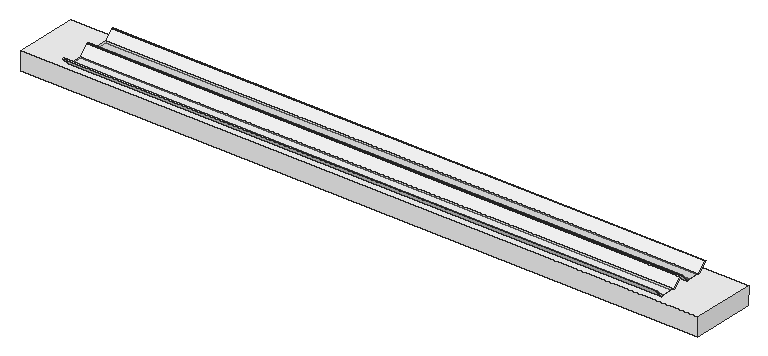
Revit family "LCR", category Lighting Fixtures, host Face, Revit 2012
Parameters (values of type "LCR-40HL-ED")
  Wattage = 56 W
  built-in parameter 1150110 = 1 (stored number, unit not read)
  Voltage = 120 V
  built-in parameter 1114217 = 1 (stored number, unit not read)
  Tilt Angle = -90.00°
  built-in parameter 1150109 = 1 (stored number, unit not read)
  built-in parameter 1150134 = 12
  Wattage Comments = ""
  URL = "http://www.columbialighting.com/"
  built-in parameter 1150113 = 1 (stored number, unit not read)
  Driver = "0-10V Dimming"
  Product Page URL = "http://www.columbialighting.com/products/lcr"
  Product Documentation Link = "http://www.columbialighting.com/content/products/specs/specs_files/lcr.pdf"
  Photometric Web File = "LCR-40HL-ED.ies"
  Nominal Watts = 56 W
  Model = "LCR"  # constant formula
  Manufacturer Phone = "(864)-678-1000"  # constant formula
  Manufacturer Fax = "(866)-898-1065"  # constant formula
  Manufacturer = "Columbia Lighting"  # constant formula
  Row Length = 4.0 ft
  built-in parameter 1150105 = 525.85 (stored number, unit not read)
  Lumens = 6608 lm
  built-in parameter 1150115 = 1 (stored number, unit not read)
  built-in parameter 1150137 = (empty or 0)
  built-in parameter 1150139 = (empty or 0)
  built-in parameter 1150112 = 1 (stored number, unit not read)
  built-in parameter 1150114 = 1 (stored number, unit not read)
  Lamp = "LED Lamp"
  Lumen Pkg = "High Lumen"
  built-in parameter 1150132 = (empty or 0)
  built-in parameter 1150102 = (empty or 0)
  built-in parameter 1150107 = 4000 (stored number, unit not read)
  built-in parameter 1150138 = (empty or 0)
  built-in parameter 1150106 = 5.2585 (stored number, unit not read)
  Glass = White Glass
  Emit from Line Length = 2.0 ft
  built-in parameter 1150104 = 10.963 (stored number, unit not read)
  Dimming Lamp Color Temperature Shift = <None>
  Description = "Columbia's LCR is an LED industrial striplight with reflectors for narrow distribution and aisle lighting"  # constant formula
  Default Elevation = 4.0 ft
  Color Filter = 16777215
  built-in parameter 1114218 = 1 (stored number, unit not read)
  Backbox = White
  built-in parameter 1150133 = 10 (stored number, unit not read)
  Apparent Load = 0 VA
Reference planes (ft)
  plane 1 "Center (Front/Back)": y = 0.003333
  plane 2: z = 0
  plane 3 "Center (Left/Right)": x = 0.13912
  plane 4: x = -1.86088
  plane 5: x = 2.13912
Dimensions and locks (ft)
  equal spacing: plane 5, plane 3 "Center (Left/Right)", plane 4
  "Row Length": plane 5 to plane 4
  aligned and locked: plane 2 to host face
  aligned and locked: level to host face
  aligned and locked: imposter light to plane 1 "Center (Front/Back)"
  aligned and locked: plane 3 "Center (Left/Right)" to nested 1
  aligned and locked: plane 4 to nested 1
  aligned and locked: plane 5 to nested 1
  aligned and locked: plane 1 "Center (Front/Back)" to nested 1
  aligned and locked: imposter light to nested 1  (x3)
Automatic sketch dimensions
  host sketch curve to host sketch curve = 8.0 ft  (x2)
Nested families (ft)
  nested 1: "LED Open" at (0.309759, 0, 0), Glass <- "Glass", Backbox <- "Backbox", Row Length <- "Row Length", type "LED Open"
    with Row Length 4.0 ft, Glass White Glass, Backbox White
Connectors (ft)
  electrical at (0.13912, 0.003333, 0), driven by "Voltage", driven by "Description"
    settings: on nested 1, index 1, voltage 120 V, apparent load 0 VA, apparent load phase1 0 VA, apparent load phase2 0 VA, apparent load phase3 0 VA, power factor 1, load classification "Other", number of poles 1, system type 30, power factor state 1, is connector primary yes, connector utility no, sub classification motor no, connector description "Columbia's LCR is an LED industrial striplight with reflectors for narrow distribution and aisle lighting"
Definition of nested family "LED Open"
  Parameters (values of type "LED Open")
    Wattage Comments = ""
    URL = "http://www.aleralighting.com/"
    Row Length [instance] = 4.0 ft
    Product Page URL = ""
    Product Documentation Link = ""
    Model = ""
    Manufacturer Phone = "(864)-678-1000"  # constant formula
    Manufacturer Fax = "(866)-898-1065"  # constant formula
    Manufacturer = "Alera Lighting"  # constant formula
    Lamp = ""
    Glass [instance] = White Glass
    Description = ""
    Default Elevation = 4.0 ft
    Backbox [instance] = White
  Reference planes (ft)
    plane 1 "Center (Front/Back)": y = 0.003333
    plane 2: z = 0
    plane 3 "Center (Left/Right)": x = -0.170639
    plane 4: x = -2.170639
    plane 5: x = 1.829361
    plane 6: x = -2.162306
    plane 7: x = 1.821027
    plane 8: x = -1.920639
    plane 9: x = 1.579361
    plane 10: y = 0.188228
    plane 11: y = -0.181563
    plane 12: z = 0.104167
    plane 13: y = 0.138749
    plane 14: y = -0.132084
    plane 15: z = 0.041667
    plane 16: y = 0.159583
    plane 17: y = -0.152917
    plane 18: z = 0.095833
    plane 19: y = 0.179895
    plane 20: y = -0.17323
    plane 21: y = 0.053333
    plane 22: y = -0.046667
    plane 23: z = 0.151042
    plane 24: y = 0.096041
  Forms (ft)
    Extrusion 1, solid
      sketch origin (0, 0, 0.005297) x (1, 0, 0) y (0, 1, 0)
        loop
          line (-4, 4) -> (-4, -4) -> (4, -4) -> (4, 4) -> (-4, 4)
      from -0.005297 to -1.478638
    Extrusion 2, solid, material "White" <- "Backbox"
      sketch origin (-0.170639, 0, 0) x (0, 1, 0) y (0, 0, 1)
        loop
          line (0.188228, 0.104167) -> (-0.181563, 0.104167) -> (-0.181563, 0) -> (0.188228, 0) -> (0.188228, 0.104167)
      from 1.991667 to 2
    Extrusion 3, solid, material "White" <- "Backbox"
      sketch origin (-0.170639, 0, 0) x (0, 1, 0) y (0, 0, 1)
        loop
          line (0.188228, 0.104167) -> (-0.181563, 0.104167) -> (-0.181563, 0) -> (0.188228, 0) -> (0.188228, 0.104167)
      from -2 to -1.991667
    Extrusion 4, solid, material "White" <- "Backbox"
      sketch origin (-0.170639, 0, 0) x (0, 1, 0) y (0, 0, 1)
        loop
          line (0.159583, 0.041667) -> (-0.152917, 0.041667) -> (-0.152917, 0) -> (0.159583, 0) -> (0.159583, 0.041667)
      from -1.991667 to 1.991667
    Extrusion 5, solid, material "White" <- "Backbox"
      sketch origin (-0.170639, 0, 0) x (0, 1, 0) y (0, 0, 1)
        loop
          line (-0.181563, 0.104167) -> (-0.181563, 0) -> (-0.17323, 0) -> (-0.17323, 0.095833) -> (0.179895, 0.095833) -> (0.179895, 0) -> (0.188228, 0) -> (0.188228, 0.104167) -> (-0.181563, 0.104167)
      from -1.991667 to 1.991667
    Extrusion 6, void
      sketch origin (-0.170639, 0, 0) x (0, 1, 0) y (0, 0, 1)
        loop
          line (0.138749, 0.104167) -> (0.053333, 0.104167) -> (0.053333, 0.095833) -> (-0.046667, 0.095833) -> (-0.046667, 0.104167) -> (-0.132084, 0.104167) -> (-0.132084, 0.041667) -> (0.138749, 0.041667) -> (0.138749, 0.104167)
      from -1.75 to 1.75
    Extrusion 7, solid, material "White Glass" <- "Glass"
      sketch origin (-0.170639, 0, 0) x (0, 1, 0) y (0, 0, 1)
        loop
          line (0.138749, 0.104167) -> (0.053333, 0.104167) -> (0.053333, 0.095833) -> (0.138749, 0.095833) -> (0.138749, 0.104167)
        loop
          line (-0.046667, 0.104167) -> (-0.132084, 0.104167) -> (-0.132084, 0.095833) -> (-0.046667, 0.095833) -> (-0.046667, 0.104167)
      from -1.75 to 1.75
    Extrusion 8, solid, material "White" <- "Backbox"
      sketch origin (-0.170639, 0, 0) x (0, 1, 0) y (0, 0, 1)
        loop
          line (0.138749, 0.104167) -> (0.144293, 0.104167) -> (0.185439, 0.151042) -> (0.179895, 0.151042) -> (0.138749, 0.104167)
        loop
          line (0.053333, 0.104167) -> (0.012187, 0.151042) -> (0.006643, 0.151042) -> (0.047788, 0.104167) -> (0.053333, 0.104167)
        loop
          line (-0.132084, 0.104167) -> (-0.17323, 0.151042) -> (-0.178774, 0.151042) -> (-0.137628, 0.104167) -> (-0.132084, 0.104167)
        loop
          line (-0.046667, 0.104167) -> (-0.041123, 0.104167) -> (0.000023, 0.151042) -> (-0.005522, 0.151042) -> (-0.046667, 0.104167)
      from -1.75 to 1.75
  Cuts and joins
    Extrusion 6 cuts Extrusion 4
    Extrusion 6 cuts Extrusion 5
    joined: Extrusion 2, Extrusion 3, Extrusion 4, Extrusion 5, Extrusion 8
  Dimensions and locks (ft)
    equal spacing: plane 5, plane 3 "Center (Left/Right)", plane 4
    locked: plane 6 to plane 4 at 0.008333
    "Row Length": plane 5 to plane 4
    equal spacing: plane 7, plane 3 "Center (Left/Right)", plane 6
    equal spacing: plane 9, plane 3 "Center (Left/Right)", plane 8
    locked: plane 8 to plane 4 at 0.25
    equal spacing: plane 10, plane 1 "Center (Front/Back)", plane 11
    plane 10 to plane 11 = 0.369792 ft
    locked: plane 12 to plane 2 at 0.104167
    equal spacing: plane 13, plane 1 "Center (Front/Back)", plane 14
    locked: plane 13 to plane 14 at 0.270833
    locked: plane 15 to level at 0.041667
    equal spacing: plane 16, plane 1 "Center (Front/Back)", plane 17
    locked: plane 16 to plane 13 at 0.020833
    locked: plane 20 to plane 11 at 0.008333
    locked: plane 10 to plane 19 at 0.008333
    locked: plane 12 to plane 18 at 0.008333
    locked: plane 10 to plane 1 "Center (Front/Back)" at 0.184896
    locked: plane 23 to plane 2 at 0.151042
    equal spacing: plane 21, plane 1 "Center (Front/Back)", plane 22
    locked: plane 21 to plane 1 "Center (Front/Back)" at 0.05
    locked: plane 10 to Extrusion 8 sketch curve at 0.002789
    locked: Extrusion 8 sketch curve to plane 13 at 0.005544
    locked: Extrusion 8 sketch curve to Extrusion 8 sketch curve at 0.004167  (x4)
    equal spacing: plane 13, plane 24, plane 21
    locked: Extrusion 8 sketch curve to plane 1 "Center (Front/Back)" at 0.00331
    locked: plane 1 "Center (Front/Back)" to Extrusion 8 sketch curve at 0.00331
    locked: Extrusion 8 sketch curve to plane 11 at 0.002789
    aligned and locked: plane 2 to Extrusion 1
    aligned and locked: level to Extrusion 1
    aligned and locked: plane 12 to Extrusion 2 sketch curve
    aligned and locked: Extrusion 2 sketch curve to plane 10
    aligned and locked: Extrusion 2 sketch curve to level
    aligned and locked: plane 11 to Extrusion 2 sketch curve
    aligned and locked: Extrusion 3 sketch curve to Extrusion 2  (x4)
    aligned and locked: plane 15 to Extrusion 4 sketch curve
    aligned and locked: Extrusion 4 sketch curve to plane 16
    aligned and locked: Extrusion 4 sketch curve to level
    aligned and locked: plane 17 to Extrusion 4 sketch curve
    aligned and locked: plane 7 to Extrusion 4
    aligned and locked: Extrusion 3 to plane 4
    aligned and locked: plane 6 to Extrusion 3
    aligned and locked: Extrusion 4 to plane 6
    aligned and locked: plane 5 to Extrusion 2
    aligned and locked: Extrusion 2 to plane 7
    aligned and locked: Extrusion 5 sketch curve to Extrusion 3  (x4)
    aligned and locked: Extrusion 5 sketch curve to Extrusion 1
    aligned and locked: plane 19 to Extrusion 5 sketch curve
    aligned and locked: Extrusion 5 sketch curve to plane 18
    aligned and locked: Extrusion 5 sketch curve to plane 20
    aligned and locked: Extrusion 5 to plane 6
    aligned and locked: plane 7 to Extrusion 5
    aligned and locked: plane 12 to Extrusion 6 sketch curve
    aligned and locked: Extrusion 6 sketch curve to plane 13
    aligned and locked: Extrusion 6 sketch curve to plane 15
    aligned and locked: plane 14 to Extrusion 6 sketch curve
    aligned and locked: plane 9 to Extrusion 6
    aligned and locked: Extrusion 6 to plane 8
    aligned and locked: Extrusion 6 sketch curve to plane 21
    aligned and locked: plane 22 to Extrusion 6 sketch curve
    aligned and locked: plane 18 to Extrusion 6 sketch curve
    aligned and locked: cut or joined group of Extrusion 2, Extrusion 3, Extrusion 4, Extrusion 5, Extrusion 6, Extrusion 8 to Extrusion 7 sketch curve  (x3)
    aligned and locked: Extrusion 7 sketch curve to cut or joined group of Extrusion 2, Extrusion 3, Extrusion 4, Extrusion 5, Extrusion 6, Extrusion 8  (x4)
    aligned and locked: plane 12 to Extrusion 7 sketch curve
    aligned and locked: Extrusion 7 to plane 8
    aligned and locked: plane 9 to Extrusion 7
    aligned and locked: plane 23 to Extrusion 8 sketch curve  (x5)
    aligned and locked: plane 19 to Extrusion 8 sketch curve
    aligned and locked: Extrusion 8 sketch curve to plane 23
    aligned and locked: cut or joined group of Extrusion 2, Extrusion 3, Extrusion 4, Extrusion 5, Extrusion 6, Extrusion 8 to Extrusion 8 sketch curve
    aligned and locked: plane 12 to Extrusion 8 sketch curve  (x2)
    aligned and locked: Extrusion 8 sketch curve to plane 12
    aligned and locked: plane 14 to Extrusion 8 sketch curve
    aligned and locked: plane 9 to Extrusion 8
    aligned and locked: Extrusion 8 to plane 8
  Automatic sketch dimensions
    Extrusion 1 sketch curve to Extrusion 1 sketch curve = 8.0 ft  (x2)
    Extrusion 6 sketch curve to plane 12 = 0.0 ft
    Extrusion 8 sketch curve to plane 22 = 0.0 ft
    Extrusion 8 sketch curve to plane 21 = 0.0 ft
